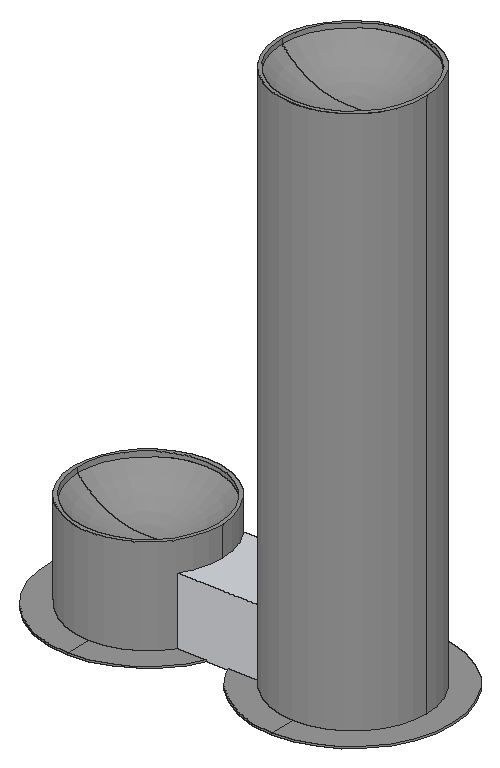
Revit family "Outdoor_Drinking_Fountain-Willoughby-WODF-2-PET", category Plumbing Fixtures, host Face, Revit 2014
Parameters (values of type "Standard")
  Waste DIA = 1 1/4"
  Waste Connection = yes
  Vent Connection = no
  URL = "www.willoughby-ind"
  Revision = "A"
  Model = "CWBF-2-RPC-PET"
  Manufacturer = "Willoughby Industries"
  LAV CW DIA = 3/8"
  HW Connection = no
  Fixture Body = Stainless Steel AISI 304-Willoughby
  Description = "Outdoor Bottle Filler And Fountain"
  Default Elevation = 0' - 0"
  Contact = "800.428.4065"
  CW Connection = yes
Reference planes (in)
  plane 1 "Center (Front/Back)": y = 0
  plane 2: z = 0
  plane 3 "Center (Left/Right)": x = 0
  plane 4: y = 4.3125
  plane 5: y = -4.3125
  plane 6 "bottom of Cap": z = 51.10156
  plane 7 "Top of opening": z = 49.05056
  plane 8: z = 12
  plane 9: y = 6.5
  plane 10: y = -6.5
  plane 11: z = 54.22196
  plane 12 "Bottom Of Fountaain": z = 21.75
  plane 13 "Top Of Fountain": z = 7.121
  plane 14 "Top Of Unit": z = 40
  plane 15: x = 7.25
  plane 16: x = -22
  plane 17: x = -14.75
Forms (in)
  Extrusion 1, solid, material "Stainless Steel AISI 304-Willoughby" <- "Fixture Body"
    sketch origin (0, 0, 0) x (1, 0, 0) y (0, 1, 0)
      loop
        circle (0, 0) r 5.375
    from 0 to 40
  Revolve 2, solid, material "Stainless Steel AISI 304-Willoughby" <- "Fixture Body"
    sketch origin (0, 0, 0) x (0, 1, 0) y (0, 0, 1)
      loop
        line (0, 0) -> (0, 0.121) -> (-7.25, 0.121) -> (-7.25, 0) -> (0, 0)
      axis (0, 0.121) -> (0, 0)
    angle from 0 to 360
  Revolve 3, solid, material "Stainless Steel AISI 304-Willoughby" <- "Fixture Body", detail levels medium+fine
    sketch origin (0, 0, 0) x (0, 1, 0) y (0, 0, 1)
      loop
        line (0, 12) -> (0, 15) -> (-0.625, 15) -> (-0.625, 12) -> (0, 12)
      axis (0, 15) -> (0, 12)
    angle from 0 to 360
  Revolve 4, solid, material "Stainless Steel AISI 304-Willoughby" <- "Fixture Body", detail levels medium+fine
    sketch origin (0, 0, 0) x (0, 1, 0) y (0, 0, 1)
      loop
        line (1.5, 12) -> (1.6875, 12) -> (1.6875, 15) -> (1.5, 15) -> (1.5, 12)
      axis (1.5, 12) -> (1.5, 15)
    angle from 0 to 360
  Extrusion 5, solid, material "Stainless Steel AISI 304-Willoughby" <- "Fixture Body"
    sketch origin (7.125, 0, 21.75) x (-1, 0, 0) y (0, -1, 0)
      loop
        circle (21.875, 0) r 5.375
    from -21.75 to -14.629
  Revolve 6, void
    sketch origin (7.125, 0, -21.58272) x (1, 0, 0) y (0, 0, 1)
      loop
        line (-21.875, 28.70183) -> (-27.01148, 28.70183) -> (-27.01148, 28.33737)
        arc (-27.01148, 28.33737) -> (-24.71281, 26.59457) -> (-21.875, 26.07683) r 6.21703
        line (-21.875, 26.07683) -> (-21.875, 28.70183)
      axis (-21.875, 28.70183) -> (-21.875, 26.07683)
    angle from 0 to 360
  Revolve 7, solid, material "Stainless Steel AISI 304-Willoughby" <- "Fixture Body"
    sketch origin (-14.75, 0, 0) x (0, 1, 0) y (0, 0, 1)
      loop
        line (0, 0) -> (0, 0.121) -> (-7.25, 0.121) -> (-7.25, 0) -> (0, 0)
      axis (0, 0.121) -> (0, 0)
    angle from 0 to 360
  Extrusion 8, solid
    sketch origin (0, 0, 0) x (1, 0, 0) y (0, 1, 0)
      loop
        line (-2.75, 0) -> (-2.75, 3) -> (-11.75, 3) -> (-11.75, -3) -> (-2.75, -3) -> (-2.75, 0)
    from 0 to 5
  Revolve 9, void
    sketch origin (21.875, 0, 11.33303) x (1, 0, 0) y (0, 0, 1)
      loop
        line (-21.875, 28.70183) -> (-27.01148, 28.70183) -> (-27.01148, 28.33737)
        arc (-27.01148, 28.33737) -> (-24.71281, 26.59457) -> (-21.875, 26.07683) r 6.21703
        line (-21.875, 26.07683) -> (-21.875, 28.70183)
      axis (-21.875, 28.70183) -> (-21.875, 26.07683)
    angle from 0 to 360
Cuts and joins
  Revolve 6, Revolve 9 cuts Extrusion 1
  Revolve 6, Revolve 9 cuts Extrusion 5
Lines and regions (in)
  symbolic lines
    curve 1: circle (0, 0, 36.5) r 7.25 normal (0, 0, 1)
    curve 3: line (-6.5, 0, 0) -> (7.25, 0, 0)
    curve 4: line (7.25, 0, 0) -> (7.25, 0, 0.121)
    curve 5: line (7.25, 0, 0.121) -> (-6.59121, 0, 0.121)
    curve 6: line (-5.375, 0, 0.121) -> (-5.375, 0, 40)
    curve 7: line (-5.375, 0, 40) -> (5.38002, 0, 40)
    curve 8: line (5.38002, 0, 40) -> (5.38002, 0, 0.121)
    curve 9: line (0, -6.5, 0) -> (0, 6.5, 0)
    curve 10: line (0, 6.5, 0) -> (0, 6.5, 0.121)
    curve 11: line (0, 6.5, 0.121) -> (0, -6.5, 0.121)
    curve 12: line (0, -6.5, 0.121) -> (0, -6.5, 0)
    curve 13: line (0, -4.3125, 51.10156) -> (0, -4.3125, 49.05056)
    curve 14: line (0, -4.3125, 49.05056) -> (0, 0.0833, 47.89844)
    curve 15: line (0, 0.0833, 47.89844) -> (0, 0.0833, 36.5)
    curve 16: line (0, 0.0833, 36.5) -> (0, -4.3125, 36.5)
    curve 17: line (0, -4.3125, 36.5) -> (0, -4.3125, 0.121)
    curve 18: line (0, 4.3125, 51.10156) -> (0, 4.3125, 0.121)
    curve 19: line (0, 4.395, 51.10156) -> (0, -4.395, 51.10156)
    curve 20: line (0, -4.395, 51.10156) -> (0, -4.395, 52.10956)
    curve 21: line (0, -4.395, 52.10956) -> (0, 4.395, 52.10956)
    curve 22: line (0, 4.395, 52.10956) -> (0, 4.395, 51.10156)
    curve 23: arc (0, 4.395, 52.10956) -> (0, 0, 54.22196) -> (0, -4.395, 52.10956) r 5.62825
    curve 24: arc (-11.65199, 3, 21.75) -> (-10.4375, 0, 21.75) -> (-11.65199, -3, 21.75) r 4.3125
    curve 25: line (-3.09801, 0, 21.871) -> (-5.375, 0, 21.871)
    curve 28: circle (-14.75, 0, 36.5) r 7.25 normal (0, 0, 1)
    curve 29: line (-8.15906, 0, 0) -> (-8.15906, 0, 0.121)
    curve 30: line (-8.15906, 0, 0.121) -> (-22, 0, 0.121)
    curve 31: line (-22, 0, 0.121) -> (-22, 0, 0)
    curve 32: line (-22, 0, 0) -> (-6.5, 0, 0)
    curve 33: line (-20.125, 0, 0.121) -> (-20.125, 0, 7.121)
    curve 34: line (-19, 0, 7.121) -> (-10.4375, 0, 7.121)
    curve 35: line (-9.375, 0, 7.121) -> (-9.375, 0, 0.121)
    curve 36: line (-10.34581, 0, 0.121) -> (-10.34581, 0, 5.00308)
    curve 37: line (-10.34581, 0, 5.00308) -> (-4.44322, 0, 5.00308)
    curve 38: line (-4.44322, 0, 5.00308) -> (-4.44322, 0, 0.121)
    curve 39: line (0, 4.3125, 7.121) -> (0, -4.3125, 7.121)
    curve 40: line (-3.09801, 3, 21.75) -> (-11.65199, 3, 21.75)
    curve 41: line (-11.65199, -3, 21.75) -> (-3.21186, -3, 21.75)
    curve 42: circle (-14.75, 0, 21.75) r 5.375 normal (0, 0, 1)
  symbolic lines, detail levels medium+fine
    curve 2: circle (0, 0, 36.5) r 5.375 normal (0, 0, 1)
    curve 26: line (0, 4.3125, 28.246) -> (0, -4.3125, 28.246)
    curve 27: line (0, -4.3125, 21.871) -> (0, 4.3125, 21.871)
Dimensions and locks (in)
  plane 9 to plane 10 = 1' - 1"
  plane 4 to plane 5 = 0' - 8 5/8"
  plane 12 "Bottom Of Fountaain" to level = 1' - 9 3/4"
  host face to plane 14 "Top Of Unit" = 3' - 4"
  plane 16 to plane 15 = 2' - 5 1/4"
  aligned and locked: plane 2 to host face
  aligned and locked: level to host face
  aligned and locked: Revolve 3 sketch curve to Revolve 3 sketch curve  (x2)
  aligned and locked: Revolve 4 sketch curve to Revolve 4 sketch curve  (x2)
  aligned and locked: plane 13 "Top Of Fountain" to Extrusion 5
  aligned and locked: plane 17 to Revolve 6 sketch curve
Connectors (in)
  piping at (0, 0, 12), diameter 0.375, driven by "Waste Connection", driven by "LAV CW DIA"
    settings: on Revolve 3, index 1, connector inside diameter 24", connector length 0' - 0", flow factor 0, pipe flow 0 GPM, pressure drop 0.00 psi, fitting loss kfactor 0, connector angle 0.00°, fixture units 0, engagement length 0' - 0", angle of deflection 0.00°, flow configuration 0, flow direction 2, fitting loss method 0, system type 16, joint type 0, gender type 0, connector reference index -1, connector utility 1, adjustable connector no, is connector primary yes, connector description "Drain Waste"
  piping at (0, 1.5, 12), diameter 0.375, driven by "CW Connection"
    settings: on Revolve 4, index 2, connector inside diameter 24", connector length 0' - 0", flow factor 0, pipe flow 0 GPM, pressure drop 0.00 psi, fitting loss kfactor 0, connector angle 0.00°, fixture units 0, engagement length 0' - 0", angle of deflection 0.00°, flow configuration 0, flow direction 1, fitting loss method 0, system type 20, joint type 0, gender type 0, connector reference index -1, connector utility 1, adjustable connector no, is connector primary no, connector description "CW Inlet"
